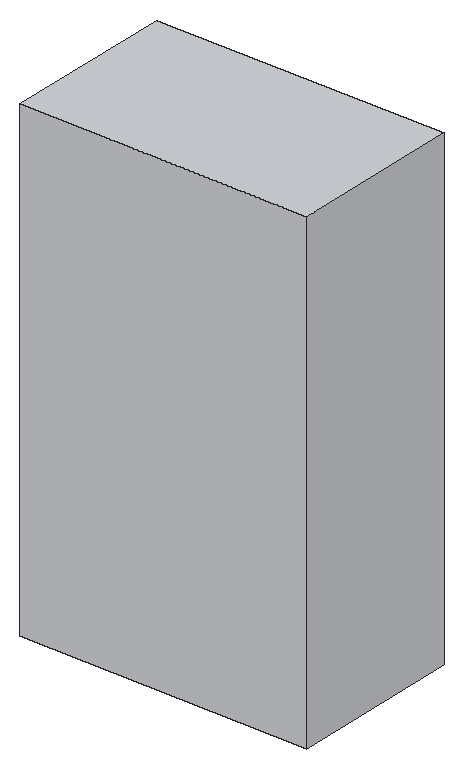
Revit family
Parameters
  Warranty Duration (Years) = 0
  Unit Width [instance] = 1' - 8 177/256"
  Unit Height [instance] = 0' - 9 99/256"
  Unit Depth = 0' - 0"
  URL = "http://www.americanspecialties.com/viewCategories.cfm"
  Test Data = ""
  Trim Material = Metal - Stainless Steel
  Specification = "http://www.arcat.com/sdspecs/htm/10810asi.htm"
  SpecWizard = ""
  Send Message = "http://www.arcat.com/users.pl?action=UserEmail&company=American%20Specialties,%20Inc.&coid=30448&rep=139&fax=914-476-0688&mf="
  Sales Information = "http://www.americanspecialties.com/contact"
  Revision = "R1_10-2010"
  Product Properties = "http://www.americanspecialties.com/datasheets/7402-SM.pdf"
  Product Data = "http://www.arcat.com/arcatcos/cos30/arc30448.html"
  Body Material = Metal - Stainless Steel
  Model = "As Specified in 10 28 13"
  Manufacturer Website = "http://www.americanspecialties.com/viewCategories.cfm"
  Manufacturer Phone - Toll Free = ""
  Manufacturer Phone = "914-476-9000 "
  Manufacturer Fax = "914-476-0688"
  Manufacturer Address = "441 Saw Mill River Rd., Yonkers, NY 10701"
  Manufacturer = "American Specialties, Inc."
  Maintenance Schedule (Months) = 0
  Keynote = "10 28 13"
  Installation-Fabrication = "http://www.americanspecialties.com/products.cfm"
  Green Building-LEED = ""
  Expected Lifespan (Years) = 0
  Drawn By = "Robert S. Weygant. CSI, CDT, SCIP"  # constant formula
  Description = "Toilet Accessory as Specified in 10 28 13"
  Default Elevation = 4' - 0"
  Copyright = "©Arcat Inc."
  Construction Details = "http://www.arcat.com/green/clients/leed_data_30448.html"
  Building Codes = "http://www.americanspecialties.com/products.cfm"
  Assembly Code = "C1030210"
Reference planes (in)
  plane 1 "Floor Line": z = 0
  plane 2: y = -6.54112
  plane 3: x = -6.97093
  plane 4: x = -0.65843
  plane 5: y = -0.22862
  plane 6: z = 1.99215
Forms (in)
  Extrusion 1, solid
    sketch origin (-3, -9, -6) x (0, 0, -1) y (1, 0, 0)
      loop
        line (-82, 26.34157) -> (-82, -19.34712) -> (-6, -19.34712) -> (-6, 26.34157) -> (-82, 26.34157)
    from 9 to -18.2283
  Extrusion 2, solid, material "Metal - Stainless Steel" <- "Body Material"
    sketch origin (0, 0, -0.00785) x (1, 0, 0) y (0, 1, 0)
      loop
        line (-6.97093, -0.42371) -> (-6.97093, -6.34603)
        arc (-6.97093, -6.34603) -> (-6.91379, -6.48398) -> (-6.77584, -6.54112) r 0.19509
        line (-6.77584, -6.54112) -> (-0.85352, -6.54112)
        arc (-0.85352, -6.54112) -> (-0.71557, -6.48398) -> (-0.65843, -6.34603) r 0.19509
        line (-0.65843, -6.34603) -> (-0.65843, -0.42371)
        arc (-0.65843, -0.42371) -> (-0.71557, -0.28576) -> (-0.85352, -0.22862) r 0.19509
        line (-0.85352, -0.22862) -> (-6.77584, -0.22862)
        arc (-6.77584, -0.22862) -> (-6.91379, -0.28576) -> (-6.97093, -0.42371) r 0.19509
      loop
        arc (-6.04659, -0.97862) -> (-6.16987, -1.02968) -> (-6.22093, -1.15297) r 0.17435
        line (-6.22093, -1.15297) -> (-6.22093, -5.61677)
        arc (-6.22093, -5.61677) -> (-6.16987, -5.74005) -> (-6.04659, -5.79112) r 0.17435
        line (-6.04659, -5.79112) -> (-1.58278, -5.79112)
        arc (-1.58278, -5.79112) -> (-1.4595, -5.74005) -> (-1.40843, -5.61677) r 0.17435
        line (-1.40843, -5.61677) -> (-1.40843, -1.15297)
        arc (-1.40843, -1.15297) -> (-1.4595, -1.02968) -> (-1.58278, -0.97862) r 0.17435
        line (-1.58278, -0.97862) -> (-6.04659, -0.97862)
    from 2 to 2.125
  Extrusion 3, solid, material "Metal - Stainless Steel" <- "Body Material"
    sketch origin (-0.65843, -1.71875, -0.00785) x (0, 1, 0) y (0, 0, 1)
      loop
        line (-1.16612, 3.9375) -> (-2.16612, 3.9375) -> (-2.16612, 2.125) -> (-1.16612, 2.125) -> (-1.16612, 3.9375)
    from -0.75 to -0.13825
  Extrusion 4, solid, material "Metal - Stainless Steel" <- "Body Material"
    sketch origin (-6.97093, -1.71875, -0.00785) x (0, 1, 0) y (0, 0, -1)
      loop
        line (-1.16612, -3.9375) -> (-1.16612, -2.125) -> (-2.16612, -2.125) -> (-2.16612, -3.9375) -> (-1.16612, -3.9375)
    from -0.75 to -0.13825
  Extrusion 5, solid, material "Metal - Stainless Steel" <- "Body Material"
    sketch origin (-0.65843, -1.71875, 0.01216) x (0, 1, 0) y (0, 0, 1)
      loop
        circle (-1.6726, 3.22999) r 0.33333
    from -4 to -0.75
  Extrusion 6, solid, material "Metal - Stainless Steel" <- "Body Material"
    sketch origin (-0.65843, 0, 1.99215) x (0, 1, 0) y (0, 0, 1)
      loop
        arc (-5.79112, 0) -> (-3.38487, -1.87683) -> (-0.97862, 0) r 2.48092
        line (-0.97862, 0) -> (-1.01085, 0)
        arc (-1.01085, 0) -> (-3.38487, -1.84558) -> (-5.75888, 0) r 2.44967
        line (-5.75888, 0) -> (-5.79112, 0)
    from -5.5625 to -0.75
  Extrusion 7, solid, material "Metal - Stainless Steel" <- "Body Material"
    sketch origin (-1.43968, 0, 1.99215) x (0, 1, 0) y (0, 0, 1)
      loop
        arc (-5.79112, 0) -> (-3.38487, -1.87683) -> (-0.97862, 0) r 2.48092
        line (-0.97862, 0) -> (-5.79112, 0)
    from 0 to 0.03125
  Extrusion 8, solid, material "Metal - Stainless Steel" <- "Body Material"
    sketch origin (-6.22093, 0, 1.99215) x (0, 1, 0) y (0, 0, 1)
      loop
        arc (-5.79112, 0) -> (-3.38487, -1.87683) -> (-0.97862, 0) r 2.48092
        line (-0.97862, 0) -> (-5.79112, 0)
    from 0 to 0.03125
  Extrusion 9, solid, material "Metal - Stainless Steel" <- "Body Material"
    sketch origin (-0.65843, 0, 1.99215) x (0, 1, 0) y (0, 0, 1)
      loop
        circle (-3.39135, 1.25) r 0.30208
    from -5.5625 to -4
  Extrusion 10, solid, material "Metal - Stainless Steel" <- "Body Material"
    sketch origin (0, 0, 0) x (1, 0, 0) y (0, 1, 0)
      loop
        line (-0.85352, -0.22862) -> (-6.77584, -0.22862)
        arc (-6.77584, -0.22862) -> (-6.91379, -0.28576) -> (-6.97093, -0.42371) r 0.19509
        line (-6.97093, -0.42371) -> (-6.97093, -6.34603)
        arc (-6.97093, -6.34603) -> (-6.91379, -6.48398) -> (-6.77584, -6.54112) r 0.19509
        line (-6.77584, -6.54112) -> (-0.85352, -6.54112)
        arc (-0.85352, -6.54112) -> (-0.71557, -6.48398) -> (-0.65843, -6.34603) r 0.19509
        line (-0.65843, -6.34603) -> (-0.65843, -0.42371)
        arc (-0.65843, -0.42371) -> (-0.71557, -0.28576) -> (-0.85352, -0.22862) r 0.19509
      loop
        line (-0.85352, -0.25987) -> (-6.77584, -0.25987)
        arc (-6.77584, -0.25987) -> (-6.8917, -0.30785) -> (-6.93968, -0.42371) r 0.16384
        line (-6.93968, -0.42371) -> (-6.93968, -6.34603)
        arc (-6.93968, -6.34603) -> (-6.8917, -6.46188) -> (-6.77584, -6.50987) r 0.16384
        line (-6.77584, -6.50987) -> (-0.85352, -6.50987)
        arc (-0.85352, -6.50987) -> (-0.73767, -6.46188) -> (-0.68968, -6.34603) r 0.16384
        line (-0.68968, -6.34603) -> (-0.68968, -0.42371)
        arc (-0.68968, -0.42371) -> (-0.73767, -0.30785) -> (-0.85352, -0.25987) r 0.16384
    from 0 to 1.99215
  Extrusion 11, solid, material "Metal - Stainless Steel" <- "Trim Material"
    sketch origin (0, 0, 0) x (1, 0, 0) y (0, 1, 0)
      loop
        line (-6.93968, -0.42371) -> (-6.93968, -6.34603)
        arc (-6.93968, -6.34603) -> (-6.8917, -6.46188) -> (-6.77584, -6.50987) r 0.16384
        line (-6.77584, -6.50987) -> (-0.85352, -6.50987)
        arc (-0.85352, -6.50987) -> (-0.73767, -6.46188) -> (-0.68968, -6.34603) r 0.16384
        line (-0.68968, -6.34603) -> (-0.68968, -0.42371)
        arc (-0.68968, -0.42371) -> (-0.73767, -0.30785) -> (-0.85352, -0.25987) r 0.16384
        line (-0.85352, -0.25987) -> (-6.77584, -0.25987)
        arc (-6.77584, -0.25987) -> (-6.8917, -0.30785) -> (-6.93968, -0.42371) r 0.16384
    from 0 to 0.02797
Dimensions and locks (in)
  plane 6 to level = 0' - 1.99215"
  Extrusion 4 to Extrusion 10 = 0' - 1 15/16"
  aligned and locked: Extrusion 1 to level
  aligned and locked: Extrusion 6 to Extrusion 2
  aligned and locked: Extrusion 7 sketch curve to Extrusion 6
  aligned and locked: Extrusion 2 to Extrusion 7 sketch curve
  aligned and locked: Extrusion 6 to Extrusion 5
  aligned and locked: plane 3 to Extrusion 2
  aligned and locked: plane 4 to Extrusion 2
  aligned and locked: plane 5 to Extrusion 2
  aligned and locked: plane 6 to Extrusion 10
